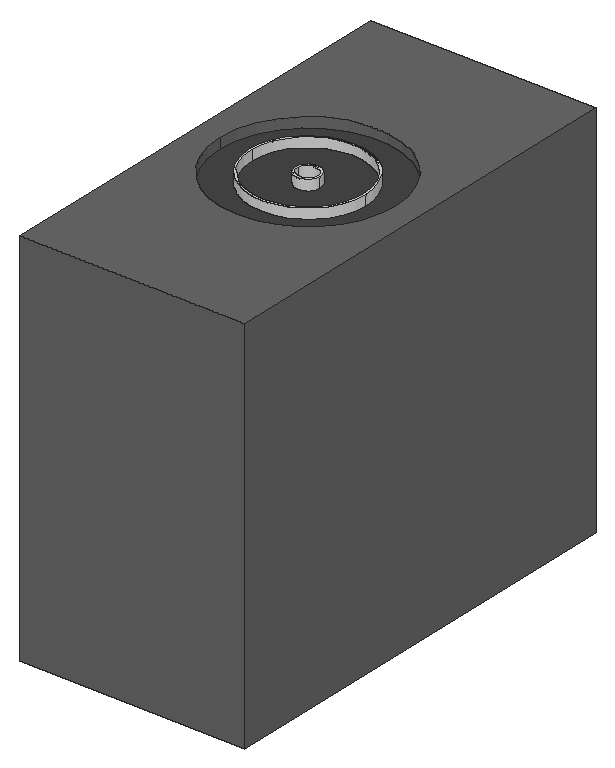
Revit family "Domotics-DomesticRanges-GEWISS-SYSTEM_DATA-TV_SOCKET", category Apparecchi elettrici, host Superficie, Revit 2016
Family settings
  Host = Superficie
  Mantenere orientamento annotazione = Sì
  Tipo di parte = Normale
  Quota connettore circolare = Usa diametro
  Taglio con vuoti quando caricato = Sì
  Condiviso = Sì
  Punto di calcolo locali = Sì
Parameters (values of type "GW21386 - THR.TV-SOCKET-5 DB C.M.9,5MM SY/BK")
  Volt = 230 V
  Vista in pianta [instance] = yes
  Version file RFA = "19.4"
  URL = "https://www.gewiss.com/ww/en"
  Type = ""
  Tipo_ = SYSTEM PRESE TV_GENERICO : GW21386 Presa TV passante attenuata 5 dB conn. maschio 9,5mm nero
  Technical sheet = "https://www.gewiss.com/ww/en/search?q=GW21386"
  Simbolo [instance] = yes
  Shielding = "Class A"
  SEO = "Socket outlet"
  Realized by GEWISS S.p.A. = ""
  Default Elevation = 1219.2 mm
  Produttore = "GEWISS S.p.A."
  Offset presa [instance] = 0 mm
  Offset bidimensionale [instance] = 39.3 mm
  No. SYSTEM modules = "1"
  N. poli = 1
  Modello = "GW21386"
  Immagine tipo = GW21386.jpg
  IFC.TypeObject = ""
  IFC.ExportType = ""
  IFC.ExportAs = ""
  IDT = "554e1992-faed-42d9-9ef4-fadc3082a53c"
  IDF = "c0007aa7-9f71-4ec0-86c7-c021cd15d726"
  Frequency = "5-2400 MHz"
  For connector type = "IEC-Male"
  Electrocod = "0131                "
  EAN code = "8011564128682"
  Distanza_x [instance] = 0 mm
  Distanza_effettiva_y [instance] = 100 mm
  Distanza_effettiva_x [instance] = 1000 mm - Distanza_x  # 1000 mm
  Distanza orizzontale del simbolo [instance] = 45.729 mm
  Distanza dal muro [instance] = 4.208 mm
  Descrizione = "THR.TV-SOCKET-5 DB C.M.9,5MM SY/BK"
  Description: = "Feedtrough"
  Description. = "TV socket-outlet"
  Colour = "Black"
  Catalogue Range = "SYSTEM - DOMESTIC RANGE"
  Catalogue = "DOMOTICS"
  Carico apparente = 0 VA
  COBie.Tagnumber = ""
  COBie.CreatedOn = ""
  COBie.CreatebBy = ""
  COBie.ComponentRegisterItemID = ""
  COBie.Component.TagNumber = ""
  COBie.Component.Space = ""
  COBie.Component.SerialNumber = ""
  COBie.Component.InstallationDate = ""
  COBie.Component.Description = ""
  COBie.Component.BarCode = ""
  Attenuation = "5 dB"
Types (8, lengths in mm): name | Type | Tipo_ | Technical sheet | Modello | Immagine tipo | IDT | EAN code | Descrizione | Description: | Colour | Attenuation
  GW20381 - SOCKET-OUTLET TV DIR.C.M.9,5MM SY/WT | "With passage of current" | SYSTEM PRESE TV_GENERICO : GW20381 Presa TV diretta connettore maschio 9,5mm bianco | "https://www.gewiss.com/ww/en/search?q=GW20381" | "GW20381" | GW20381.jpg | "3e8dc8cc-a6fe-4b41-b77c-6134e2f513b3" | "8011564078871" | "SOCKET-OUTLET TV DIR.C.M.9,5MM SY/WT" | "Direct" | "White" | "0 dB"
  GW20382 - THR.TV-SOCKET-10DB C.M.9,5MM SY/WT | "" | SYSTEM PRESE TV_GENERICO : GW20382 Presa TV passante attenuata 10dB conn. maschio 9,5mm bianco | "https://www.gewiss.com/ww/en/search?q=GW20382" | "GW20382" | GW20382.jpg | "533f21f2-a291-429a-a0bb-753591003032" | "8011564078888" | "THR.TV-SOCKET-10DB C.M.9,5MM SY/WT" | "Feedtrough" | "White" | "10 dB"
  GW20383 - THR.TV-SOCKET-14DB C.M.9,5MM SY/WT | "" | SYSTEM PRESE TV_GENERICO : GW20383 Presa TV passante attenuata 14dB conn. maschio 9,5mm bianco | "https://www.gewiss.com/ww/en/search?q=GW20383" | "GW20383" | GW20383.jpg | "ee40c048-6d5e-4fa0-bd54-eb7e2b9b95f9" | "8011564078895" | "THR.TV-SOCKET-14DB C.M.9,5MM SY/WT" | "Feedtrough" | "White" | "14 dB"
  GW20386 - THR.TV-SOCKET-5 DB C.M.9,5MM SY/WT | "" | SYSTEM PRESE TV_GENERICO : GW20386 Presa TV passante attenuata 5 dB conn. maschio 9,5mm bianco | "https://www.gewiss.com/ww/en/search?q=GW20386" | "GW20386" | GW20386.jpg | "fc684ea7-2447-4feb-bc81-7fc570016d59" | "8011564078925" | "THR.TV-SOCKET-5 DB C.M.9,5MM SY/WT" | "Feedtrough" | "White" | "5 dB"
  GW21381 - SOCKET-OUTLET TV DIR.C.M.9,5MM SY/BK | "With passage of current" | SYSTEM PRESE TV_GENERICO : GW21381 Presa TV diretta connettore maschio 9,5mm nero | "https://www.gewiss.com/ww/en/search?q=GW21381" | "GW21381" | GW21381.jpg | "81a38886-beab-44dd-b83d-2bd0ac546c69" | "8011564128675" | "SOCKET-OUTLET TV DIR.C.M.9,5MM SY/BK" | "Direct" | "Black" | "0 dB"
  GW21382 - THR.TV-SOCKET-10DB C.M.9,5MM SY/BK | "" | SYSTEM PRESE TV_GENERICO : GW21382 Presa TV passante attenuata 10dB conn. maschio 9,5mm nero | "https://www.gewiss.com/ww/en/search?q=GW21382" | "GW21382" | GW21382.jpg | "f38dd5eb-f4e3-4efa-8676-d4838e698c09" | "8011564128699" | "THR.TV-SOCKET-10DB C.M.9,5MM SY/BK" | "Feedtrough" | "Black" | "10 dB"
  GW21383 - THR.TV-SOCKET-14DB C.M.9,5MM SY/BK | "" | SYSTEM PRESE TV_GENERICO : GW21383 Presa TV passante attenuata 14dB conn. maschio 9,5mm nero | "https://www.gewiss.com/ww/en/search?q=GW21383" | "GW21383" | GW21383.jpg | "49aef263-6920-470e-b55a-c47b0bcbddfc" | "8011564128705" | "THR.TV-SOCKET-14DB C.M.9,5MM SY/BK" | "Feedtrough" | "Black" | "14 dB"
  GW21386 - THR.TV-SOCKET-5 DB C.M.9,5MM SY/BK | "" | SYSTEM PRESE TV_GENERICO : GW21386 Presa TV passante attenuata 5 dB conn. maschio 9,5mm nero | "https://www.gewiss.com/ww/en/search?q=GW21386" | "GW21386" | GW21386.jpg | "554e1992-faed-42d9-9ef4-fadc3082a53c" | "8011564128682" | "THR.TV-SOCKET-5 DB C.M.9,5MM SY/BK" | "Feedtrough" | "Black" | "5 dB"
Reference planes
  plane 1 "Centro (Fronte/Retro)": y = 0
  plane 2: z = 0
  plane 3 "Centro (Sinistra/Destra)": x = 0
  plane 4: x = -1000
  plane 5: x = 0
  plane 6: y = 100
  plane 7: z = 0
  plane 8 "A": z = 39.3
  plane 9: z = 39
Lines and regions (mm)
  Masking region 1, visible <- "Vista in pianta"
    outline origin (0, 0, 0) x (1, 0, 0) y (0, 1, 0)
      loop
        line (-11.5, 22.5) -> (-11.5, -22.5) -> (11.5, -22.5) -> (11.5, 22.5) -> (-11.5, 22.5)
      loop
        circle (0, 0) r 9.026
      loop
        circle (0, 0) r 5.754
      loop
        circle (0, 0) r 1.046
      loop
        line (-3.696, 17.347) -> (0, 10.101) -> (3.696, 17.347) -> (2.891, 17.347) -> (0, 11.679) -> (-2.891, 17.347) -> (-3.696, 17.347)
      loop
        line (-0.403, 15.152) -> (0.403, 15.152) -> (0.403, 19.931) -> (3.221, 19.931) -> (3.221, 20.736) -> (-3.221, 20.736) -> (-3.221, 19.931) -> (-0.403, 19.931) -> (-0.403, 15.152)
  Masking region 2, visible <- "Vista in pianta"
    outline origin (0, 0, 0) x (1, 0, 0) y (0, 0, 1)
      loop
        line (11.5, 0) -> (11.5, 39) -> (-11.5, 39) -> (-11.5, 0) -> (11.5, 0)
  Masking region 3, visible <- "Vista in pianta"
    outline origin (0, 0, 0) x (0, 1, 0) y (0, 0, 1)
      loop
        line (-22.5, 39) -> (-22.5, 0) -> (22.5, 0) -> (22.5, 39) -> (-22.5, 39)
  model lines, style "0", not visible, detail levels coarse
    curve 1: arc (40.941, 35.069, 0) -> (36.863, 30.992, 0) -> (40.941, 26.915, 0) r 4.077
    curve 2: arc (48.922, 26.915, 0) -> (53, 30.992, 0) -> (48.922, 35.069, 0) r 4.077
    curve 3: line (56.432, 23.317, 0) -> (33.432, 23.317, 0)
    curve 4: line (33.432, 23.317, 0) -> (33.432, 68.317, 0)
    curve 5: line (33.432, 68.317, 0) -> (56.432, 68.317, 0)
    curve 6: line (56.432, 68.317, 0) -> (56.432, 23.317, 0)
    curve 7: line (40.941, 35.069, 0) -> (42.406, 35.069, 0)
    curve 8: line (42.406, 35.069, 0) -> (42.406, 64.372, 0)
    curve 9: line (42.406, 64.372, 0) -> (47.457, 64.372, 0)
    curve 10: line (47.457, 64.372, 0) -> (47.457, 35.069, 0)
    curve 11: line (47.457, 35.069, 0) -> (48.922, 35.069, 0)
    curve 12: line (40.941, 26.915, 0) -> (48.922, 26.915, 0)
    curve 34: circle (52.262, 43.827, 39.3) r 1.146 normal (0, 0, 1)
    curve 35: circle (52.262, 43.827, 39.3) r 9.026 normal (0, 0, 1)
    curve 36: circle (52.262, 43.827, 39.3) r 5.854 normal (0, 0, 1)
    curve 37: line (63.762, 21.327, 39.3) -> (40.762, 21.327, 39.3)
    curve 38: line (40.762, 21.327, 39.3) -> (40.762, 66.327, 39.3)
    curve 39: line (40.762, 66.327, 39.3) -> (63.762, 66.327, 39.3)
    curve 40: line (63.762, 66.327, 39.3) -> (63.762, 21.327, 39.3)
    curve 41: line (52.262, 55.507, 39.3) -> (49.371, 61.175, 39.3)
    curve 42: line (49.371, 61.175, 39.3) -> (48.566, 61.175, 39.3)
    curve 43: line (48.566, 61.175, 39.3) -> (52.262, 53.928, 39.3)
    curve 44: line (52.262, 53.928, 39.3) -> (55.958, 61.175, 39.3)
    curve 45: line (55.958, 61.175, 39.3) -> (55.153, 61.175, 39.3)
    curve 46: line (55.153, 61.175, 39.3) -> (52.262, 55.507, 39.3)
    curve 47: line (52.665, 63.758, 39.3) -> (55.483, 63.758, 39.3)
    curve 48: line (55.483, 63.758, 39.3) -> (55.483, 64.564, 39.3)
    curve 49: line (55.483, 64.564, 39.3) -> (49.041, 64.564, 39.3)
    curve 50: line (49.041, 64.564, 39.3) -> (49.041, 63.758, 39.3)
    curve 51: line (49.041, 63.758, 39.3) -> (51.859, 63.758, 39.3)
    curve 52: line (51.859, 63.758, 39.3) -> (51.859, 58.979, 39.3)
    curve 53: line (51.859, 58.979, 39.3) -> (52.665, 58.979, 39.3)
    curve 54: line (52.665, 58.979, 39.3) -> (52.665, 63.758, 39.3)
  model lines, style "0", detail levels coarse
    curve 13: circle (0, 0, 39.3) r 1.146 normal (0, 0, 1)
    curve 14: circle (0, 0, 39.3) r 9.026 normal (0, 0, 1)
    curve 15: circle (0, 0, 39.3) r 5.854 normal (0, 0, 1)
    curve 16: line (11.5, -22.5, 39.3) -> (-11.5, -22.5, 39.3)
    curve 17: line (-11.5, -22.5, 39.3) -> (-11.5, 22.5, 39.3)
    curve 18: line (-11.5, 22.5, 39.3) -> (11.5, 22.5, 39.3)
    curve 19: line (11.5, 22.5, 39.3) -> (11.5, -22.5, 39.3)
    curve 20: line (0, 11.679, 39.3) -> (-2.891, 17.347, 39.3)
    curve 21: line (-2.891, 17.347, 39.3) -> (-3.696, 17.347, 39.3)
    curve 22: line (-3.696, 17.347, 39.3) -> (0, 10.101, 39.3)
    curve 23: line (0, 10.101, 39.3) -> (3.696, 17.347, 39.3)
    curve 24: line (3.696, 17.347, 39.3) -> (2.891, 17.347, 39.3)
    curve 25: line (2.891, 17.347, 39.3) -> (0, 11.679, 39.3)
    curve 26: line (0.403, 19.931, 39.3) -> (3.221, 19.931, 39.3)
    curve 27: line (3.221, 19.931, 39.3) -> (3.221, 20.736, 39.3)
    curve 28: line (3.221, 20.736, 39.3) -> (-3.221, 20.736, 39.3)
    curve 29: line (-3.221, 20.736, 39.3) -> (-3.221, 19.931, 39.3)
    curve 30: line (-3.221, 19.931, 39.3) -> (-0.403, 19.931, 39.3)
    curve 31: line (-0.403, 19.931, 39.3) -> (-0.403, 15.152, 39.3)
    curve 32: line (-0.403, 15.152, 39.3) -> (0.403, 15.152, 39.3)
    curve 33: line (0.403, 15.152, 39.3) -> (0.403, 19.931, 39.3)
Dimensions and locks
  plane 4 to plane 3 "Centro (Sinistra/Destra)" = 1000 mm
  "Distanza_effettiva_x": plane 4 to plane 5
  "Distanza_effettiva_y": plane 6 to plane 1 "Centro (Fronte/Retro)"
  "Offset presa": plane 7 to host face
  "Offset bidimensionale": plane 8 "A" to host face
  locked: plane 9 to plane 7 at 39
  aligned and locked: plane 2 to host face
  aligned and locked: level to host face
  aligned and locked: plane 3 "Centro (Sinistra/Destra)" to nested 1
  aligned and locked: plane 1 "Centro (Fronte/Retro)" to nested 1
  aligned and locked: nested 2 to plane 6
  aligned and locked: nested 2 to plane 5
  aligned and locked: Masking region 1 sketch curve to nested 1  (x4)
  aligned and locked: nested 1 to plane 7  (x2)
  aligned and locked: nested 1 to plane 9  (x2)
  aligned and locked: Masking region 2 sketch curve to nested 1  (x2)
  aligned and locked: plane 9 to Masking region 2 sketch curve
  aligned and locked: plane 7 to Masking region 2 sketch curve
  aligned and locked: Masking region 2 to plane 7
  aligned and locked: plane 7 to nested 1  (x2)
  aligned and locked: Masking region 3 sketch curve to nested 1  (x2)
  aligned and locked: plane 9 to Masking region 3 sketch curve
  aligned and locked: plane 7 to Masking region 3 sketch curve
  aligned and locked: Masking region 3 to plane 7
  aligned and locked: Masking region 3 to plane 9
Automatic sketch dimensions
  host sketch curve to host sketch curve = 2438.4 mm  (x2)
  plane 1 "Centro (Fronte/Retro)" to Masking region 1 sketch curve = 0 mm
  Masking region 1 sketch curve to plane 3 "Centro (Sinistra/Destra)" = 0 mm  (x3)
  Masking region 1 sketch curve to Masking region 1 sketch curve = 9.026 mm
  Masking region 1 sketch curve to Masking region 1 sketch curve = 0 mm  (x6)
  Masking region 1 sketch curve to Masking region 1 sketch curve = 3.272 mm
  Masking region 1 sketch curve to Masking region 1 sketch curve = 1.046 mm
  Masking region 1 sketch curve to plane 3 "Centro (Sinistra/Destra)" = 3.696 mm
  Masking region 1 sketch curve to Masking region 1 sketch curve = 0.805 mm  (x3)
  Masking region 1 sketch curve to Masking region 1 sketch curve = 5.153 mm
  Masking region 1 sketch curve to Masking region 1 sketch curve = 7.246 mm
  Masking region 1 sketch curve to Masking region 1 sketch curve = 1.578 mm
  plane 3 "Centro (Sinistra/Destra)" to Masking region 1 sketch curve = 3.696 mm
  plane 3 "Centro (Sinistra/Destra)" to Masking region 1 sketch curve = 0.403 mm
  Masking region 1 sketch curve to Masking region 1 sketch curve = 2.196 mm
  Masking region 1 sketch curve to plane 3 "Centro (Sinistra/Destra)" = 0.403 mm
  Masking region 1 sketch curve to Masking region 1 sketch curve = 2.584 mm
  Masking region 1 sketch curve to Masking region 1 sketch curve = 0.329 mm
  Masking region 1 sketch curve to Masking region 1 sketch curve = 2.818 mm
Nested families
  nested 1: "SYSTEM PRESE TV_GENERICO" at (0, 0, 0), type <- "Tipo_", type "GW21386 Presa TV passante attenuata 5 dB conn. maschio 9,5mm nero", detail levels medium+fine
  nested 2: "SIMBOLO" at (0, 100, 0), visible <- "Simbolo", SIMBOLO <- "Simbolo", type "SIMBOLO"
    with SIMBOLO yes, Distanza dal muro 4.208 mm, BORDO ACCESO yes
Connectors
  electrical at (0, 0, 0), driven by "N. poli", driven by "Volt", driven by "Carico apparente"
    settings: on nested 1, index 1, voltage 230 V, apparent load 0 VA, apparent load phase1 0 VA, apparent load phase2 0 VA, apparent load phase3 0 VA, power factor 1, load classification "Altro", number of poles 1, system type 31, power factor state 1, is connector primary yes, connector utility no, sub classification motor no, connector description ""
Definition of nested family "SYSTEM PRESE TV_GENERICO"
  Parameters (values of type "GW21381 Presa TV diretta connettore maschio 9,5mm nero")
    Profondità presa = 39 mm
    Finitura System Limitatore Tensione = none
    Altezza da Terra = 750 mm
  Types (8): name
    GW20381 Presa TV diretta connettore maschio 9,5mm bianco
    GW20382 Presa TV passante attenuata 10dB conn. maschio 9,5mm bianco
    GW20383 Presa TV passante attenuata 14dB conn. maschio 9,5mm bianco
    GW20386 Presa TV passante attenuata 5 dB conn. maschio 9,5mm bianco
    GW21381 Presa TV diretta connettore maschio 9,5mm nero
    GW21382 Presa TV passante attenuata 10dB conn. maschio 9,5mm nero
    GW21383 Presa TV passante attenuata 14dB conn. maschio 9,5mm nero
    GW21386 Presa TV passante attenuata 5 dB conn. maschio 9,5mm nero
  Reference planes
    plane 1 "Centro (Fronte/Retro)": y = 0
    plane 2: z = 0
    plane 3 "Centro (Sinistra/Destra)": x = 0
    plane 4: z = 0
    plane 5 "a": z = 39
    plane 6: z = 38
    plane 7: x = -11.5
    plane 8: x = 11.5
    plane 9: y = 22.5
    plane 10: y = -22.5
    plane 11: z = 1
  Forms (mm)
    Extrusion 1, solid, material <- "Finitura System Limitatore Tensione"
      sketch origin (-51.929, -802.514, 39) x (1, 0, 0) y (0, 1, 0)
        loop
          line (40.429, 825.014) -> (40.429, 780.014) -> (63.429, 780.014) -> (63.429, 825.014) -> (40.429, 825.014)
        loop
          circle (51.929, 802.514) r 9.026
      from 0 to -39
    Extrusion 2, solid, material <- "Finitura System Limitatore Tensione"
      sketch origin (0, 0, 0) x (1, 0, 0) y (0, 1, 0)
        loop
          circle (0, 0) r 9.026
      from 0 to 1
    Extrusion 3, solid
      sketch origin (0, 0, 0) x (1, 0, 0) y (0, 1, 0)
        loop
          circle (0, 0) r 9.026
      from 1 to 38
    Extrusion 4, solid
      sketch origin (0, 0, 0) x (1, 0, 0) y (0, 1, 0)
        loop
          circle (0, 0) r 5.754
        loop
          circle (0, 0) r 5.954
        loop
          circle (0, 0) r 1.046
        loop
          circle (0, 0) r 1.246
      from 38 to 39
  Cuts and joins
    joined: Extrusion 1, Extrusion 2
  Lines and regions (mm)
    model lines
      curve 1: line (3.221, 20.736, 39) -> (-3.221, 20.736, 39)
      curve 2: line (-3.221, 20.736, 39) -> (-3.221, 19.931, 39)
      curve 3: line (-3.221, 19.931, 39) -> (-0.403, 19.931, 39)
      curve 4: line (-0.403, 19.931, 39) -> (-0.403, 15.152, 39)
      curve 5: line (-0.403, 15.152, 39) -> (0.403, 15.152, 39)
      curve 6: line (0.403, 15.152, 39) -> (0.403, 19.931, 39)
      curve 7: line (0.403, 19.931, 39) -> (3.221, 19.931, 39)
      curve 8: line (3.221, 19.931, 39) -> (3.221, 20.736, 39)
      curve 9: line (3.696, 17.347, 39) -> (2.891, 17.347, 39)
      curve 10: line (2.891, 17.347, 39) -> (0, 11.679, 39)
      curve 11: line (0, 10.101, 39) -> (3.696, 17.347, 39)
      curve 12: line (-3.696, 17.347, 39) -> (0, 10.101, 39)
      curve 13: line (0, 11.679, 39) -> (-2.891, 17.347, 39)
      curve 14: line (-2.891, 17.347, 39) -> (-3.696, 17.347, 39)
  Dimensions and locks
    "Profondità presa": plane 5 "a" to level
    plane 5 "a" to plane 6 = 1 mm
    equal spacing: plane 10, plane 1 "Centro (Fronte/Retro)", plane 9
    plane 10 to plane 9 = 45 mm
    equal spacing: plane 7, plane 3 "Centro (Sinistra/Destra)", plane 8
    plane 7 to plane 8 = 23 mm
    locked: plane 11 to level at 1
    aligned and locked: level to plane 2
    aligned and locked: Extrusion 1 to plane 4
    aligned and locked: plane 2 to plane 4
    aligned and locked: plane 5 "a" to Extrusion 1
    aligned and locked: plane 7 to Extrusion 1
    aligned and locked: Extrusion 1 to plane 8
    aligned and locked: Extrusion 1 to plane 9
    aligned and locked: plane 10 to Extrusion 1
    aligned and locked: Extrusion 2 to level
    aligned and locked: plane 11 to Extrusion 2
    aligned and locked: Extrusion 3 to plane 11
    aligned and locked: plane 6 to Extrusion 3
    aligned and locked: Extrusion 4 to plane 6
    aligned and locked: plane 5 "a" to Extrusion 4
  Automatic sketch dimensions
    Extrusion 1 sketch curve to plane 3 "Centro (Sinistra/Destra)" = 11.5 mm
    plane 1 "Centro (Fronte/Retro)" to Extrusion 1 sketch curve = 22.5 mm
    Extrusion 1 sketch curve to plane 1 "Centro (Fronte/Retro)" = 22.5 mm
    plane 3 "Centro (Sinistra/Destra)" to Extrusion 1 sketch curve = 11.5 mm
    Extrusion 2 sketch curve to Extrusion 2 sketch curve = 0 mm  (x2)
    plane 1 "Centro (Fronte/Retro)" to Extrusion 2 sketch curve = 0 mm
    Extrusion 2 sketch curve to plane 3 "Centro (Sinistra/Destra)" = 0 mm
    Extrusion 2 sketch curve to plane 7 = 2.474 mm
    Extrusion 3 sketch curve to Extrusion 3 sketch curve = 0 mm  (x2)
    plane 1 "Centro (Fronte/Retro)" to Extrusion 3 sketch curve = 0 mm
    Extrusion 3 sketch curve to plane 3 "Centro (Sinistra/Destra)" = 0 mm
    Extrusion 3 sketch curve to plane 7 = 2.474 mm
    Extrusion 4 sketch curve to Extrusion 4 sketch curve = 0 mm  (x6)
    plane 1 "Centro (Fronte/Retro)" to Extrusion 4 sketch curve = 0 mm
    Extrusion 4 sketch curve to plane 3 "Centro (Sinistra/Destra)" = 0 mm
    curve 13 to plane 3 "Centro (Sinistra/Destra)" = 0 mm
    curve 11 to plane 3 "Centro (Sinistra/Destra)" = 0 mm
    plane 9 to curve 1 = 1.764 mm
    curve 3 to plane 3 "Centro (Sinistra/Destra)" = 0.403 mm
    plane 9 to curve 3 = 2.569 mm
    curve 1 to curve 8 = 0.805 mm
    curve 2 to curve 14 = 2.584 mm
    curve 7 to curve 11 = 2.584 mm
    curve 13 to curve 5 = 2.196 mm
    curve 5 to curve 10 = 3.472 mm
    curve 10 to curve 11 = 1.578 mm
    curve 14 to plane 3 "Centro (Sinistra/Destra)" = 2.891 mm
    curve 1 to curve 3 = 2.818 mm
    curve 14 to curve 13 = 0.805 mm
    plane 3 "Centro (Sinistra/Destra)" to curve 6 = 0.403 mm
    plane 3 "Centro (Sinistra/Destra)" to curve 10 = 2.891 mm
    curve 9 to curve 7 = 0.329 mm
    curve 9 to curve 9 = 0.805 mm
    radius of Extrusion 4 sketch curve = 5.754 mm
    radius of Extrusion 4 sketch curve = 5.954 mm
    radius of Extrusion 4 sketch curve = 1.046 mm
    radius of Extrusion 4 sketch curve = 1.246 mm
Definition of nested family "SIMBOLO"
  Parameters (values of type "SIMBOLO")
    SIMBOLO [instance] = yes
    Distanza dal muro [instance] = 4.208 mm
    BORDO ACCESO [instance] = yes
  Reference planes
    plane 1: y = 0
    plane 2: x = 0
  Dimensions and locks
    aligned and locked: plane 1 to nested 1
  Nested families
    nested 1: "SCARICSOVRAT_BASE" at (0, 0, 0), BORDO ACCESO <- "BORDO ACCESO", visible <- "SIMBOLO", type "SCARICSOVRAT"
      with BORDO ACCESO yes
  Definition of nested family "SCARICSOVRAT_BASE"
    Parameters (values of type "SCARICSOVRAT")
      Distanza dal muro = 4.208 mm
      BORDO ACCESO [instance] = yes
    Reference planes
      plane 1: y = 0
      plane 2: x = 0
    Lines and regions (mm)
      detail lines, visible <- "BORDO ACCESO", not visible
        curve 1: line (-1.743, 9.208, 0) -> (2.057, 9.208, 0)
        curve 2: line (2.057, 9.208, 0) -> (2.057, 4.208, 0)
        curve 3: line (2.057, 4.208, 0) -> (-1.743, 4.208, 0)
        curve 4: line (-1.743, 4.208, 0) -> (-1.743, 9.208, 0)
        curve 5: line (-1.543, 9.008, 0) -> (1.857, 9.008, 0)
        curve 6: line (1.857, 9.008, 0) -> (1.857, 4.408, 0)
        curve 7: line (1.857, 4.408, 0) -> (-1.543, 4.408, 0)
        curve 8: line (-1.543, 4.408, 0) -> (-1.543, 9.008, 0)
